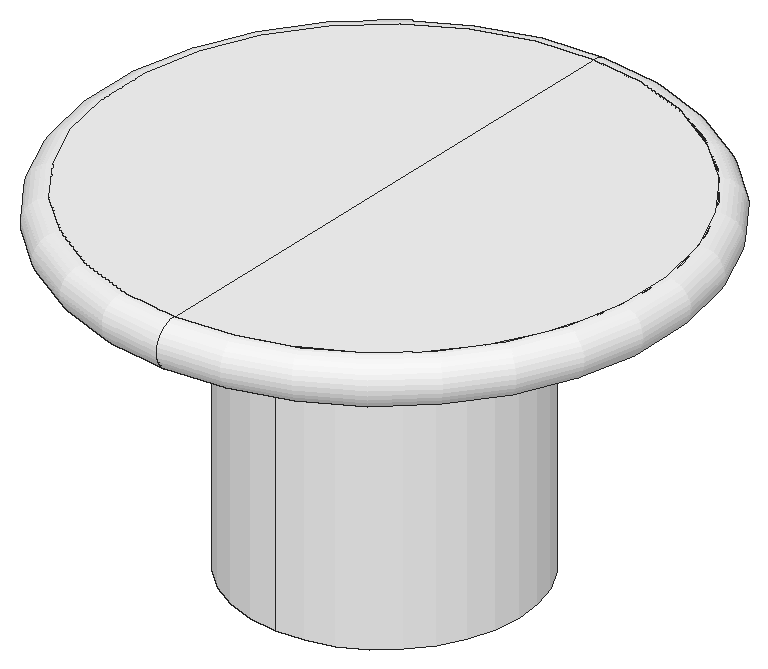
Revit family "Reece_Basin_AXA_H10_Above Counter Basin_Rectangle_500 mm", category Plumbing Fixtures, host Face, Revit 2018
Family settings
  Host = Face
  Round Connector Dimension = Use Diameter
  Part Type = Normal
  Cut with Voids When Loaded = No
  Shared = Yes
  Room Calculation Point = Yes
Parameters
  WFU = 0  # constant formula
  URL = "https://www.reece.com.au/product/-9502949"
  Type Comments = "Basin"
  Reece_Product_Web Page = "https://www.reece.com.au/product/-9502949"
  Reece_Product_Type = "Basin"  # constant formula
  Reece_Product_Sub Brand = "H10"  # constant formula
  Reece_Product_Number = "9502949"
  Reece_Product_Mount = "Above Counter Basin"
  Reece_Product_Description = "AXA H10 Rectangle Counter Basin 500 x 320mm White"  # constant formula
  Reece_Product_Brand = "AXA"  # constant formula
  Reece_Overall_Width = 500 mm  # constant formula
  Reece_Overall_Length = 320 mm  # constant formula
  Reece_Overall_Height = 100 mm  # constant formula
  Reece_Overall_Capacity = 6.00 L  # constant formula
  Reece_Material_Secondary = Reece_Brass_Chrome
  Reece_Material-Main = Reece_Ceramic_Fine Fire Clay_White
  Reece_Detail_Disclaimer = "THIS FILE IS THE PROPERTY OF THE REECE GROUP. IT MAY NOT BE REPRODUCED, REVERSE-ENGINEERED OR MODIFIED. ANY REPUBLICATION, TRANSMISSION OR DISTRIBUTION FOR THE PURPOSE OF COMMERCIALLY EXPLOITING THE FILES IS PROHIBITED."  # constant formula
  Reece_Basin_Outlet = 40 mm  # constant formula
  Model = "H10"
  Manufacturer = "AXA"
  Keynote = "Product #9502949, Reece_Basin_AXA_H10_Above Counter Basin_Rectangle_500 mm -  "
  HWFU = 0  # constant formula
  Disclaimer = "THIS FILE IS THE PROPERTY OF THE REECE GROUP. IT MAY NOT BE REPRODUCED, REVERSE-ENGINEERED OR MODIFIED. ANY REPUBLICATION, TRANSMISSION OR DISTRIBUTION FOR THE PURPOSE OF COMMERCIALLY EXPLOITING THE FILES IS PROHIBITED."  # constant formula
  Description = "AXA H10 Rectangle Counter Basin 500 x 320mm White"
  Default Elevation = 1000 mm
  CWFU = 0  # constant formula
Types (2, lengths in mm): name | Keynote
  (no name) | "Product #9502949, Reece_Basin_AXA_H10_Above Counter Basin_Rectangle_500 mm -  "
  6 L_No Taphole_Fine Fire Clay Ceramic_White | "Product #9502949, Reece_Basin_AXA_H10_Above Counter Basin_Rectangle_500 mm - 6 L_No Taphole_Fine Fire Clay Ceramic_White"
Reference planes
  plane 1 "Center (Front/Back)": y = -119.125
  plane 2 "Bottom": z = 0
  plane 3 "Center (Left/Right)": x = 0
  plane 4 "Top": z = 100
  plane 5: y = 40.875
  plane 6: x = 250
  plane 7: x = -250
  plane 8: y = -279.125
  plane 9: z = 30
  plane 10: x = -220
  plane 11: x = 220
  plane 12: y = 10.875
  plane 13: y = -249.125
Forms (mm)
  Revolve 1, solid, material "Reece_Brass_Chrome" <- "Reece_Material_Secondary"
    sketch origin (0, -80, 0) x (0, 1, 0) y (0, 0, 1)
      loop
        line (-24.125, 32.5) -> (-10, 32.5)
        arc (-10, 32.5) -> (-7.5, 35) -> (-10, 37.5) r 2.5
        line (-10, 37.5) -> (-39.125, 37.5) -> (-39.125, 0) -> (-24.125, 0) -> (-24.125, 32.5)
      axis (-39.125, 37.5) -> (-39.125, 0)
    angle from 0 to 360
  Extrusion 2, void
    sketch origin (0, 0, 0) x (1, 0, 0) y (0, 1, 0)
      loop
        circle (0, -119.125) r 50
    from 0 to -40
Cuts and joins
  Extrusion 2 cuts Revolve 1
  Extrusion 2 cuts ?
  Extrusion 2 cuts ?
Lines and regions (mm)
  symbolic lines, style "PlumbingFixtures"
    curve 1: line (0, 32.295, 100) -> (0, -270.347, 100)
    curve 2: line (0, -270.347, 100) -> (0, 32.295, 100)
Text (mm)
  text "Reece Copyright © 2018, Reece Ltd." at (-814.257, -583.01, 0), in view "Ref. Level"
  text "Reece ©" at (44.384, 258.95, 192.345), in view "Reece Preview"
Dimensions and locks
  equal spacing: plane 7, plane 3 "Center (Left/Right)", plane 6
  "Reece_Overall_Width": plane 7 to plane 6
  "Reece_Overall_Length": plane 5 to plane 8
  equal spacing: plane 5, plane 1 "Center (Front/Back)", plane 8
  "Reece_Overall_Height": plane 2 "Bottom" to plane 4 "Top"
  plane 4 "Top" to plane 9 = 70 mm
  plane 3 "Center (Left/Right)" to plane 10 = 220 mm
  plane 12 to plane 1 "Center (Front/Back)" = 130 mm
  plane 13 to plane 1 "Center (Front/Back)" = 130 mm
  plane 3 "Center (Left/Right)" to plane 11 = 220 mm
  plane 4 "Top" to plane 2 "Bottom" = 100 mm  (x2)
  aligned and locked: host face to plane 2 "Bottom"
  aligned and locked: level to host face
Automatic sketch dimensions
  host sketch curve to host sketch curve = 801.051 mm
  host sketch curve to host sketch curve = 660.299 mm
  Revolve 1 sketch curve to level = 0 mm
  plane 1 "Center (Front/Back)" to Revolve 1 sketch curve = 0 mm
  Revolve 1 sketch curve to Revolve 1 sketch curve = 15 mm
  Revolve 1 sketch curve to Revolve 1 sketch curve = 14.125 mm
  Revolve 1 sketch curve to Revolve 1 sketch curve = 32.5 mm
  Revolve 1 sketch curve to Revolve 1 sketch curve = 2.5 mm
  Revolve 1 sketch curve to Revolve 1 sketch curve = 0 mm
  Revolve 1 sketch curve to level = 33.124 mm
  plane 4 "Top" to Revolve 1 sketch curve = 18.686 mm
  plane 3 "Center (Left/Right)" to curve 1 = 0 mm
  curve 1 to plane 5 = 8.58 mm
  curve 2 to curve 1 = 0 mm  (x2)
  curve 2 to plane 8 = 8.778 mm
  curve 1 to curve 2 = 0 mm
  plane 1 "Center (Front/Back)" to Extrusion 2 sketch curve = 0 mm
  Extrusion 2 sketch curve to plane 3 "Center (Left/Right)" = 0 mm
  radius of Extrusion 2 sketch curve = 50 mm
Connectors
  piping at (0, -119.223, 0), diameter 40, driven by "Reece_Basin_Outlet"
    settings: on free form element, index 1, connector inside diameter 609.6 mm, connector length 0 mm, flow factor 0, pipe flow 0.0 L/s, pressure drop 0.0 Pa, fitting loss kfactor 0, connector angle 0.00°, fixture units 0, engagement length 0 mm, angle of deflection 0.00°, flow configuration 0, flow direction 2, fitting loss method 0, system type 16, joint type 0, gender type 0, connector reference index -1, connector utility 0, adjustable connector no, is connector primary yes, connector description ""
